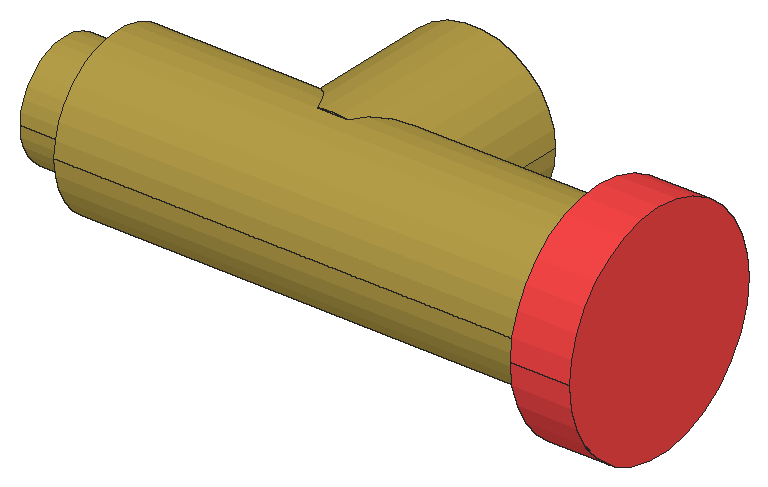
Revit family "Осевой термостатический вентиль «Standart Vario M»", category Арматура трубопроводов, Revit 2020
Family settings
  Размер круглого соединителя = Использовать диаметр
  Тип детали = Клапан - Вставляется
  Номер OmniClass = 23.65.55.14.21
  Заголовок OmniClass = Non-Return Valves for Liquid Services
  На основе рабочей плоскости = Нет
  Всегда вертикально = Нет
  При загрузке вырезать с полостями = Нет
  Общий = Да
Parameters (values of type "Dn15")
  Отметка по умолчанию = 0 mm
  Материал клапана = Латунь
  K Coefficient = 0.83
  Толщина крышки = 0.15 * Длина корпуса  # 10.8 mm
  Высота крышки = 36 mm
  Диаметр крышки = 39 mm
  Длина корпуса = 72 mm
  Диаметр корпуса = 0.6 * Диаметр адаптера  # 9 mm
  Длина адаптера = 0.1 * Длина корпуса  # 7.2 mm
  Диаметр адаптера = 1 * ADSK_Диаметр условный  # 15 mm
  URL = "https://www.weser.ru/about/documentation/"
  Kvs [instance] = 0.0 m³/h
  ADSK_Позиция = ""
  ADSK_Наименование краткое = "Термостатический вентиль"  # constant formula
  ADSK_Наименование [instance] = "Осевой термостатический вентиль «Standart Vario M» Dn15"
  ADSK_Масса_Текст = ""
  ADSK_Код изделия [instance] = "820121.100"
  ADSK_Завод-изготовитель [instance] = "Weser"  # constant formula
  ADSK_Единица измерения [instance] = "шт."  # constant formula
  ADSK_Диаметр условный = 15 mm
  ADSK_Группирование [instance] = ""
Reference planes
  plane 1 "По центру (Вперед/Назад)": y = 0
  plane 2: z = 0
  plane 3 "По центру (Влево/Вправо)": x = 0
  plane 4: x = -36
  plane 5: x = 36
  plane 6: x = -28.8
  plane 7: z = 25.2
  plane 8: z = 36
  plane 9: z = -10.8
  plane 10: z = -16.8
  plane 11: x = -3.6
  plane 12: x = -10.8
  plane 13: y = 23.671
  plane 14: y = -23.671
  plane 15: x = 44
Forms (mm)
  Extrusion 1, solid, material "Латунь" <- "Материал клапана", detail levels fine
    sketch origin (0, 0, 0) x (0, 1, 0) y (0, 0, 1)
      loop
        circle (0, 0) r 10.8
    from -28.8 to 36
  Extrusion 2, solid, material "Латунь" <- "Материал клапана", detail levels fine
    sketch origin (0, 0, 0) x (1, 0, 0) y (0, 0, 1)
      loop
        circle (0, 0) r 11
    from -23.739 to 0
  Extrusion 3, solid, material "Латунь" <- "Материал клапана", detail levels fine
    sketch origin (-41, 552.765, 1219.2) x (0, 1, 0) y (0, 0, 1)
      loop
        circle (-552.765, -1219.2) r 7.5
    from 5 to 12.2
  Extrusion 4, solid, material "Пластик Красный", detail levels fine
    sketch origin (41, 0.864, 0.351) x (0, 1, 0) y (0, 0, 1)
      loop
        circle (-0.864, -0.351) r 15
    from -5 to 3
Cuts and joins
  joined: Extrusion 1, Extrusion 2, Extrusion 3
Dimensions and locks
  equal spacing: plane 4, plane 3 "По центру (Влево/Вправо)", plane 5
  "Длина корпуса": plane 4 to plane 5
  "Длина адаптера": plane 4 to plane 6
  "Толщина крышки": plane 8 to plane 7
  "Высота крышки": plane 8 to plane 2
  locked: plane 2 to plane 9 at 10.8
  locked: plane 9 to plane 10 at 6
  locked: plane 3 "По центру (Влево/Вправо)" to plane 11 at 3.6
  locked: plane 3 "По центру (Влево/Вправо)" to plane 12 at 10.8
  locked: plane 13 to plane 1 "По центру (Вперед/Назад)" at 23.671
  locked: plane 1 "По центру (Вперед/Назад)" to plane 14 at 23.671
  plane 5 to plane 15 = 8 mm
  "Толщина крышки": radius of Extrusion 1 sketch curve
  "ADSK_Диаметр условный": diameter of Extrusion 3 sketch curve
  radius of Extrusion 4 sketch curve = 15 mm
  aligned and locked: plane 2 to Extrusion 1 sketch curve
  aligned and locked: plane 1 "По центру (Вперед/Назад)" to Extrusion 1 sketch curve
  aligned and locked: Extrusion 1 to plane 6
  aligned and locked: plane 3 "По центру (Влево/Вправо)" to Extrusion 2 sketch curve
  aligned and locked: plane 6 to Extrusion 3
  aligned and locked: Extrusion 3 to plane 4
  aligned and locked: plane 5 to Extrusion 1
  aligned and locked: plane 15 to Extrusion 4
  aligned and locked: Extrusion 4 to plane 5
  aligned and locked: plane 1 "По центру (Вперед/Назад)" to nested 1
  aligned and locked: nested 1 to plane 3 "По центру (Влево/Вправо)"
Automatic sketch dimensions
  Extrusion 2 sketch curve to level = 0 mm
  Extrusion 3 sketch curve to level = 0 mm
  Extrusion 3 sketch curve to plane 1 "По центру (Вперед/Назад)" = 0 mm
  Extrusion 4 sketch curve to level = 0 mm
  Extrusion 4 sketch curve to plane 1 "По центру (Вперед/Назад)" = 0 mm
  radius of Extrusion 2 sketch curve = 11 mm
Nested families
  nested 1: "УГО Клапан регулирующий угловой" at (0, 0, 0) x (0, -1, 0) z (0, 0, 1), type "УГО Клапан регулирующий проходной"
    with УГО в разрезе no, УГО в плане yes, L1 14.063 mm, L 98.438 mm, H 23.656 mm, D 23.656 mm, ADSK_Позиция "", ADSK_Обозначение "", ADSK_Наименование "", ADSK_Код изделия ""
Connectors
  piping at (-28.8, 0, 0), diameter 15, driven by "ADSK_Диаметр условный"
    settings: on cut or joined group of Extrusion 1, Extrusion 2, Extrusion 3, index 1, connector inside diameter 609.6 mm, connector length 0 mm, flow factor 0, pipe flow 0.0 m³/h, pressure drop 0.0 Pa, fitting loss kfactor 0, connector angle 0.00°, fixture units 0, engagement length 0 mm, angle of deflection 0.00°, flow configuration 0, flow direction 0, fitting loss method 0, system type 29, joint type 0, gender type 0, connector reference index 2, connector utility 0, adjustable connector no, is connector primary yes, connector description ""
  piping at (0, 23.739, 0), diameter 15, driven by "ADSK_Диаметр условный"
    settings: on cut or joined group of Extrusion 1, Extrusion 2, Extrusion 3, index 2, connector inside diameter 609.6 mm, connector length 0 mm, flow factor 0, pipe flow 0.0 m³/h, pressure drop 0.0 Pa, fitting loss kfactor 0, connector angle 90.00°, fixture units 0, engagement length 0 mm, angle of deflection 0.00°, flow configuration 0, flow direction 0, fitting loss method 0, system type 29, joint type 0, gender type 0, connector reference index 1, connector utility 0, adjustable connector no, is connector primary no, connector description ""
  piping at (36, 0, 0), diameter 30
    settings: on Extrusion 4, index 3, connector inside diameter 609.6 mm, connector length 0 mm, flow factor 0, pipe flow 0.0 m³/h, pressure drop 0.0 Pa, fitting loss kfactor 0, connector angle 0.00°, fixture units 0, engagement length 0 mm, angle of deflection 0.00°, flow configuration 0, flow direction 0, fitting loss method 0, system type 28, joint type 0, gender type 0, connector reference index -1, connector utility 0, adjustable connector no, is connector primary no, connector description ""
Definition of nested family "УГО Клапан регулирующий угловой"
  Parameters (values of type "УГО Клапан запорно-балансировочный ручной")
    УГО в разрезе [instance] = not(УГО в плане)  # no
    УГО в плане [instance] = yes
    Разработчик (телефон) = ""
    Разработчик (email) = ""
    Разработчик (URL) = ""
    Разработчик = ""
    Default Elevation = 0 mm
    Manufacturer = ""
    L1 [instance] = L / 7  # 14.286 mm
    L [instance] = 100 mm
    H [instance] = D  # 44.634 mm
    D [instance] = 44.634 mm
    ADSK_Позиция [instance] = ""
    ADSK_Обозначение [instance] = ""
    ADSK_Наименование [instance] = ""
    ADSK_Масса = 0
    ADSK_Количество = 1  # constant formula
    ADSK_Код изделия [instance] = ""
    ADSK_Завод-изготовитель = Manufacturer  # ""
    ADSK_Единица измерения = "шт"  # constant formula
    ADSK_URL документации изделия = ""
  Types (3, lengths in mm): name | L1 | L | H | D
    УГО Клапан регулирующий проходной | 3.146 | 22.023 | 44.634 | 44.634
    УГО Клапан запорный | 28.571 | 200 | 100 | 100
    УГО Клапан запорно-балансировочный ручной | 14.286 | 100 | 44.634 | 44.634
  Reference planes
    plane 1 "По центру (Вперед/Назад)": y = 0
    plane 2: z = 0
    plane 3 "По центру (Влево/Вправо)": x = 0
    plane 4: x = -50
    plane 5: x = -7.143
    plane 6: x = 50
    plane 7: x = 7.143
    plane 8: y = 44.634
    plane 9: y = 22.317
    plane 10: y = -22.317
    plane 11: z = 22.317
    plane 12: z = 44.634
    plane 13: z = -22.317
    plane 14: x = -22.317
    plane 15: x = 22.317
    plane 16: y = 50
    plane 17: y = -50
    plane 18: y = -35
    plane 19: x = -35
  Lines and regions (mm)
    symbolic lines, detail levels coarse+medium
      curve 1: line (-35, 22.317, 0) -> (-35, -22.317, 0)
      curve 2: line (-35, -22.317, 0) -> (0, 0, 0)
      curve 3: line (0, 0, 0) -> (-35, 22.317, 0)
      curve 4: line (0, 0, 0) -> (-7.143, 22.317, 0)
      curve 5: line (-7.143, 22.317, 0) -> (7.143, 22.317, 0)
      curve 6: line (7.143, 22.317, 0) -> (0, 0, 0)
      curve 7: line (0, 22.317, 0) -> (0, 44.634, 0)
      curve 8: line (-22.317, -35, 0) -> (22.317, -35, 0)
      curve 9: line (22.317, -35, 0) -> (0, 0, 0)
      curve 10: line (0, 0, 0) -> (-22.317, -35, 0)
  Dimensions and locks
    equal spacing: plane 4, plane 3 "По центру (Влево/Вправо)", plane 6
    "L": plane 4 to plane 6
    equal spacing: plane 5, plane 3 "По центру (Влево/Вправо)", plane 7
    "L1": plane 5 to plane 7
    equal spacing: plane 9, plane 1 "По центру (Вперед/Назад)", plane 10
    "D": plane 9 to plane 10
    "H": plane 8 to plane 1 "По центру (Вперед/Назад)"
    equal spacing: plane 11, level, plane 13
    "D": plane 11 to plane 13
    "H": plane 12 to level
    "D": plane 14 to plane 15
    equal spacing: plane 14, plane 3 "По центру (Влево/Вправо)", plane 15
    "L": plane 16 to plane 17
    equal spacing: plane 16, plane 1 "По центру (Вперед/Назад)", plane 17
    locked: plane 18 to plane 17 at 15
    locked: plane 4 to plane 19 at 15
    aligned and locked: level to plane 2
    aligned and locked: curve 1 to plane 19
    aligned and locked: curve 8 to plane 18
    aligned and locked: plane 19 to curve 2
    aligned and locked: plane 9 to curve 3
  Automatic sketch dimensions
    curve 10 to plane 14 = 0 mm
    curve 4 to plane 5 = 0 mm
    plane 1 "По центру (Вперед/Назад)" to curve 4 = 0 mm
    curve 4 to plane 3 "По центру (Влево/Вправо)" = 0 mm
    curve 7 to plane 3 "По центру (Влево/Вправо)" = 0 mm
    curve 5 to plane 7 = 0 mm
    curve 8 to plane 15 = 0 mm
    plane 10 to curve 2 = 0 mm
    curve 6 to plane 9 = 0 mm
    curve 7 to plane 8 = 0 mm
